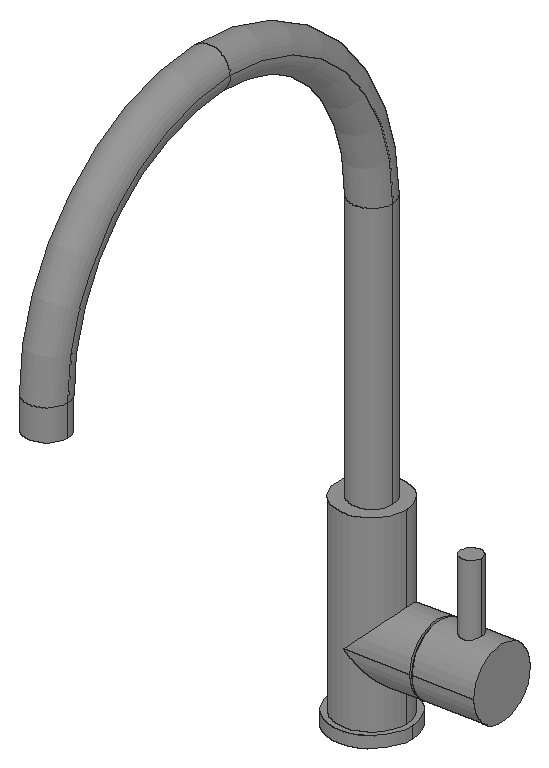
Revit family "Ramona", category Generic Models, host Face, Revit 2026
Family settings
  Host = Face
  Can host rebar = No
  Round Connector Dimension = Use Diameter
  Part Type = Normal
  Cut with Voids When Loaded = No
  Maintain Annotation Orientation = No
  Shared = No
  Room Calculation Point = No
Parameters (values of type "STAINLESS STEEL (KFTRSS37)")
  Width = 73.5 mm
  Material = BM_STAINLESS STEEL
  Length = 201.5 mm
  Height = 300 mm
  Default Elevation = 1219.2 mm
Types (6, lengths in mm): name | Material
  (no name) | BM_STAINLESS STEEL
  BRUSHED VINTAGE ANTIQUE BRASS (KFTRVB42) | BM_ANTIQUE BRASS
  BRUSHED BRASS GOLD (KFTRGD40) | BM_BRASS GOLD
  BRUSHED GUNMETAL (KFTRGM41) | BM_GUNMETAL
  STAINLESS STEEL (KFTRSS37) | BM_STAINLESS STEEL
  MATTE BLACK (KFTRMB38) | BM_MATTE BLACK
Reference planes
  plane 1 "Center (Front/Back)": y = 0
  plane 2: z = 0
  plane 3 "Center (Left/Right)": x = 0
  plane 4: z = 5
  plane 5: z = 300
  plane 6: z = 87.5
  plane 7: y = -175
  plane 8: z = 20
  plane 9: z = 80
  plane 10: z = 35
  plane 11: z = 50
  plane 12: x = 29.5
  plane 13: x = -17.5
  plane 14: x = 56
  plane 15: x = 28.5
  plane 16: x = 17.5
  plane 17: y = -15
  plane 18: y = 15
  plane 19: y = -184
  plane 20: y = -166
  plane 21: x = -9.022
  plane 22: x = 9.022
  plane 23: y = 9
  plane 24: y = -9
  plane 25: y = 17.5
Forms (mm)
  Extrusion 1, solid, material "BM_STAINLESS STEEL" <- "Material"
    sketch origin (0, 0, 0) x (1, 0, 0) y (0, 1, 0)
      loop
        circle (0, 0) r 17.5
    from 0 to 5
  Extrusion 2, solid, material "BM_STAINLESS STEEL" <- "Material"
    sketch origin (0, 0, 5) x (1, 0, 0) y (0, 1, 0)
      loop
        circle (0, 0) r 15
    from 0 to 82.5
  Sweep 3, solid, material "BM_STAINLESS STEEL" <- "Material"
    path origin (0, 0, 0) x (0, 1, 0) y (0, 0, 1)
      loop
        line (0, 87.5) -> (0, 203.5)
        arc (0, 203.5) -> (-25.628, 265.372) -> (-87.5, 291) r 87.5
        arc (-87.5, 291) -> (-149.372, 265.372) -> (-175, 203.5) r 87.5
        line (-175, 203.5) -> (-175, 190)
    profile origin (0, 0, 145.5) x (0, -1, 0) y (1, 0, 0)
      loop
        circle (0, 0) r 9
  Extrusion 4, solid, material "BM_STAINLESS STEEL" <- "Material"
    sketch origin (0, 0, 0) x (0, 1, 0) y (0, 0, 1)
      loop
        circle (0, 35) r 15
    from 0 to 28.5
  Extrusion 5, solid, material "BM_STAINLESS STEEL" <- "Material"
    sketch origin (0, 0, 0) x (0, 1, 0) y (0, 0, 1)
      loop
        circle (0, 35) r 15
    from 29.5 to 56
  Revolve 6, solid, material "BM_STAINLESS STEEL" <- "Material"
    sketch origin (4.2, 0, 0) x (1, 0, 0) y (0, 0, 1)
      loop
        line (24.3, 20.5) -> (25.3, 20.5) -> (25.3, 35) -> (24.3, 35) -> (24.3, 20.5)
      axis (24.3, 35) -> (25.3, 35)
    angle from 0 to 360
  Extrusion 7, solid, material "BM_STAINLESS STEEL" <- "Material"
    sketch origin (-2, 0, 0) x (1, 0, 0) y (0, 1, 0)
      loop
        circle (44.75, 0) r 4.5
    from 35 to 80
Cuts and joins
  joined: Extrusion 2, Extrusion 4
  joined: Extrusion 5, Extrusion 7
Text (mm)
  text "Refer to www.buildmat.com.au for the most current product literature. \nAllow a +/- 5mm tolerance for dimensions shown in the product literature. \nPlease note product details are subject to change due to ongoing product development." at (0.561, -739.434, 0), in view "Ref. Level"
Dimensions and locks
  plane 13 to plane 14 = 73.5 mm
  plane 13 to plane 16 = 35 mm
  plane 9 to plane 8 = 60 mm  (x2)
  "Height": plane 5 to host face
  plane 17 to plane 18 = 30 mm  (x2)
  plane 19 to plane 20 = 18 mm
  plane 21 to plane 22 = 18.043 mm
  plane 5 to plane 6 = 212.5 mm
  plane 6 to plane 4 = 82.5 mm
  plane 4 to host face = 5 mm
  plane 7 to plane 1 "Center (Front/Back)" = 175 mm  (x2)
  equal spacing: plane 17, plane 1 "Center (Front/Back)", plane 18
  "Length": plane 19 to plane 25
  "Width": plane 13 to plane 14
  aligned and locked: plane 2 to host face
  aligned and locked: level to host face
Automatic sketch dimensions
  host sketch curve to host sketch curve = 1438.4 mm  (x2)
  plane 1 "Center (Front/Back)" to Extrusion 1 sketch curve = 0 mm
  Extrusion 1 sketch curve to plane 3 "Center (Left/Right)" = 0 mm
  Sweep 3 sketch curve to Sweep 3 sketch curve = 0 mm  (x2)
  Sweep 3 sketch curve to plane 7 = 0 mm
  Sweep 3 sketch curve to plane 1 "Center (Front/Back)" = 0 mm
  Sweep 3 sketch curve to plane 6 = 0 mm
  Sweep 3 sketch curve to plane 5 = 96.5 mm
  Sweep 3 sketch curve to Sweep 3 sketch curve = 13.5 mm
  Sweep 3 sketch curve to plane 3 "Center (Left/Right)" = 0 mm
  Sweep 3 sketch curve to profile plane = 0 mm
  Extrusion 4 sketch curve to plane 1 "Center (Front/Back)" = 0 mm
  Extrusion 4 sketch curve to plane 10 = 0 mm
  Extrusion 5 sketch curve to plane 1 "Center (Front/Back)" = 0 mm
  Extrusion 5 sketch curve to plane 10 = 0 mm
  plane 15 to Revolve 6 sketch curve = 0 mm  (x2)
  Revolve 6 sketch curve to plane 10 = 0 mm  (x2)
  plane 12 to Revolve 6 sketch curve = 0 mm  (x2)
  plane 8 to Revolve 6 sketch curve = 0.5 mm
  plane 1 "Center (Front/Back)" to Extrusion 7 sketch curve = 0 mm
  Extrusion 7 sketch curve to plane 12 = 13.25 mm
  radius of Extrusion 1 sketch curve = 17.5 mm
  radius of Extrusion 2 sketch curve to Extrusion 1 = 2.5 mm
  radius of Sweep 3 sketch curve = 9 mm
  radius of Extrusion 4 sketch curve = 15 mm
  radius of Extrusion 5 sketch curve = 15 mm
  radius of Extrusion 7 sketch curve = 4.5 mm
